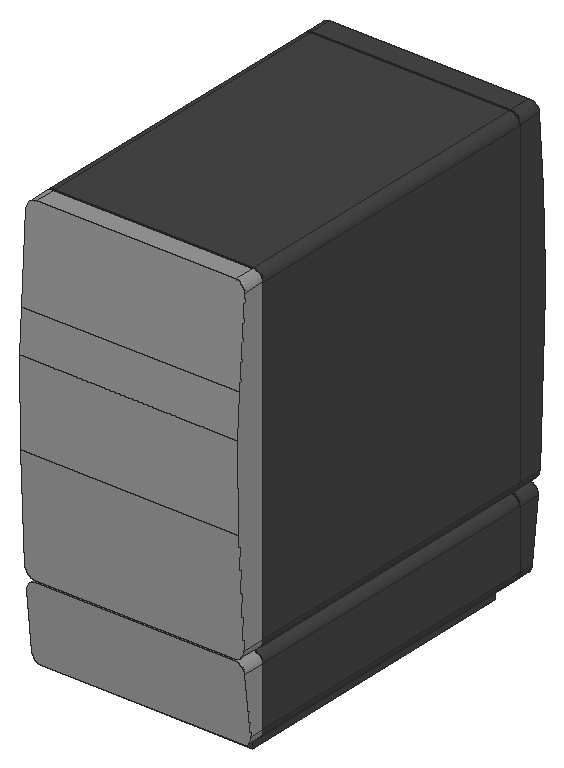
Revit family "Franke_Under_table_refrigerator_UT05_EC-A600_MS_EC_A600_FM_EC_A800_FM_EC(CN)", category Specialty Equipment, Revit 2015
Parameters (values of type "Under table refrigerator UT05 EC-A600 MS EC,A600 FM EC,A800 FM EC(220V/CN)")
  Volts max. = 0 V
  URL = "https://www.franke.com/main/en/cs/products/product-search.html"
  Max Overcurrent Protection = "-"
  Depth (mm) = 475 mm
  Temperature range = "+ 3° to + 8°"
  Volts min. = 220 V
  Cycle Alternative = 0 Hz
  Cycle = 50 Hz
  Model = "410879 - Under table refrigerator UT05 EC - A600 MS EC, A600 FM EC, A800 FM EC"
  Milk storage = "5 l"
  Current consumption = 0.72 A
  Cost = 0
  Height (mm) = 544 mm
  Manufacturer = "Franke"
  Energy loss acc. to DIN 18873 = "0.638 kWh/24 h - 230 V"
  Width (mm) = 270 mm
  Description = "key module Under table refrigerator UT05 for storage of cooled milk"
  Assembly Code = "key module Under table refrigerator UT05"
  Keynote = "key module Under table refrigerator UT05"
  Weight = "18 kg"
  Number of Poles = 1
  Number of Protective Conductors = "1"
  Number of Nutral Conductors = "1"
Reference planes
  plane 1 "Mitte (Vorne/Hinten)": y = 0
  plane 2: z = 0
  plane 3 "Mitte (Links/Rechts)": x = 0
Forms (mm)
  Extrusion 1, solid, material "Franke Black"
    sketch origin (0, 0, -42) x (1, 0, 0) y (0, 0, 1)
      loop
        line (123, 586) -> (-123, 586)
        arc (-123, 586) -> (-131.485, 582.485) -> (-135, 574) r 12
        line (-135, 574) -> (-135, 178)
        arc (-135, 178) -> (-131.485, 169.515) -> (-123, 166) r 12
        line (-123, 166) -> (123, 166)
        arc (123, 166) -> (131.485, 169.515) -> (135, 178) r 12
        line (135, 178) -> (135, 574)
        arc (135, 574) -> (131.485, 582.485) -> (123, 586) r 12
      loop
        arc (-135, 78) -> (-131.485, 69.515) -> (-123, 66) r 12
        line (-123, 66) -> (123, 66)
        arc (123, 66) -> (131.485, 69.515) -> (135, 78) r 12
        line (135, 78) -> (135, 151)
        arc (135, 151) -> (131.485, 159.485) -> (123, 163) r 12
        line (123, 163) -> (-123, 163)
        arc (-123, 163) -> (-131.485, 159.485) -> (-135, 151) r 12
        line (-135, 151) -> (-135, 78)
    from -198.03 to 198.03
  Extrusion 2, solid, material "Franke Black"
    sketch origin (0, 0, -42) x (1, 0, 0) y (0, 0, 1)
      loop
        line (-114, 66) -> (-114, 46) -> (114, 46) -> (114, 66) -> (-114, 66)
    from -186.97 to 188.03
  Extrusion 3, solid, material "Franke Anthracite"
    sketch origin (0, 0, -42) x (0, 1, 0) y (0, 0, 1)
      loop
        line (-199.53, 586) -> (-226.03, 586)
        arc (-226.03, 586) -> (-230.318, 527.256) -> (-234.387, 468.497) r 15843.742
        arc (-234.387, 468.497) -> (-235.812, 442.176) -> (-236.543, 415.826) r 1000
        arc (-236.543, 415.826) -> (-236.783, 362.852) -> (-235.96, 309.883) r 2640.505
        arc (-235.96, 309.883) -> (-232.928, 237.872) -> (-227.52, 166) r 2182.336
        line (-227.52, 166) -> (-199.53, 166) -> (-199.53, 586)
      loop
        arc (-227.242, 163) -> (-222.173, 114.438) -> (-216.03, 66) r 2207.212
        line (-216.03, 66) -> (-199.53, 66) -> (-199.53, 163) -> (-227.242, 163)
    from -135 to 135
  Extrusion 4, solid, material "Franke Black"
    sketch origin (0, 0, -42) x (1, 0, 0) y (0, 0, 1)
      loop
        line (-120, 576) -> (-120, 66) -> (120, 66) -> (120, 576) -> (-120, 576)
    from 198.03 to 199.53
  Extrusion 5, solid, material "Franke Black"
    sketch origin (0, 397.56, -42) x (1, 0, 0) y (0, 0, 1)
      loop
        line (-120, 576) -> (-120, 66) -> (120, 66) -> (120, 576) -> (-120, 576)
    from 198.03 to 199.53
  Extrusion 6, solid, material "Franke Black"
    sketch origin (0, 0, -42) x (1, 0, 0) y (0, 1, 0)
      loop
        line (-107.5, 117.97) -> (-107.5, 96.52) -> (-90.75, 96.52) -> (-90.75, 117.97) -> (-107.5, 117.97)
      loop
        line (90.75, 117.97) -> (90.75, 96.52) -> (107.5, 96.52) -> (107.5, 117.97) -> (90.75, 117.97)
      loop
        line (90.75, -97.58) -> (90.75, -119.03) -> (107.5, -119.03) -> (107.5, -97.58) -> (90.75, -97.58)
      loop
        line (-107.5, -97.58) -> (-107.5, -119.03) -> (-90.75, -119.03) -> (-90.75, -97.58) -> (-107.5, -97.58)
    from 42 to 46
  Extrusion 7, solid, material "Franke Black"
    sketch origin (0, 0, -42) x (0, 1, 0) y (0, 0, 1)
      loop
        line (228.03, 586) -> (199.53, 586) -> (199.53, 166) -> (227.909, 166)
        arc (227.909, 166) -> (234.785, 268.409) -> (237.114, 371.022) r 2314.482
        arc (237.114, 371.022) -> (237.115, 384.228) -> (237.104, 397.434) r 15169.055
        arc (237.104, 397.434) -> (236.381, 442.975) -> (234.325, 488.477) r 1555
        arc (234.325, 488.477) -> (231.291, 537.246) -> (228.03, 586) r 10528.092
      loop
        line (199.53, 66) -> (216.03, 66)
        arc (216.03, 66) -> (222.776, 114.386) -> (227.62, 163) r 1246.054
        line (227.62, 163) -> (199.53, 163) -> (199.53, 66)
    from -135 to 135
  Extrusion 8, void
    sketch origin (0, 0, -42) x (1, 0, 0) y (0, 0, 1)
      loop
        line (-123, 586) -> (-123, 596) -> (-145, 596) -> (-145, 574) -> (-135, 574)
        arc (-135, 574) -> (-131.485, 582.485) -> (-123, 586) r 12
      loop
        arc (123, 586) -> (131.485, 582.485) -> (135, 574) r 12
        line (135, 574) -> (145, 574) -> (145, 596) -> (123, 596) -> (123, 586)
      loop
        arc (-123, 166) -> (-131.485, 169.515) -> (-135, 178) r 12
        line (-135, 178) -> (-145, 178) -> (-145, 151) -> (-135, 151)
        arc (-135, 151) -> (-131.485, 159.485) -> (-123, 163) r 12
        line (-123, 163) -> (-123, 166)
      loop
        line (123, 66) -> (123, 56) -> (145, 56) -> (145, 78) -> (135, 78)
        arc (135, 78) -> (131.485, 69.515) -> (123, 66) r 12
      loop
        arc (-123, 66) -> (-131.485, 69.515) -> (-135, 78) r 12
        line (-135, 78) -> (-145, 78) -> (-145, 56) -> (-123, 56) -> (-123, 66)
      loop
        line (123, 166) -> (123, 163)
        arc (123, 163) -> (131.485, 159.485) -> (135, 151) r 12
        line (135, 151) -> (145, 151) -> (145, 178) -> (135, 178)
        arc (135, 178) -> (131.485, 169.515) -> (123, 166) r 12
    from -299.15 to 303.805
  Extrusion 9, void
    sketch origin (0, 0, -42) x (1, 0, 0) y (0, 1, 0)
      loop
        circle (-92.468, -167.051) r 16
      loop
        circle (92.468, -167.051) r 16
      loop
        circle (-92.468, 165.957) r 16
      loop
        circle (92.468, 165.957) r 16
    from 24.233 to 51
  Extrusion 10, solid, material "Franke Chrome"
    sketch origin (0, 0, 0) x (1, 0, 0) y (0, 1, 0)
      loop
        circle (0, 132.477) r 2.5
    from 0 to 4
Cuts and joins
  Extrusion 9 cuts Extrusion 2
  Extrusion 8 cuts Extrusion 3
  Extrusion 8 cuts Extrusion 7
Dimensions and locks
  aligned and locked: level to plane 2
Connectors
  electrical at (0, 132.477, 4), driven by "Number of Poles", driven by "Volts min."
    settings: on Extrusion 10, index 1, voltage 220 V, apparent load 0 VA, apparent load phase1 0 VA, apparent load phase2 0 VA, apparent load phase3 0 VA, power factor 1, load classification "Strom", number of poles 1, system type 31, power factor state 1, is connector primary yes, connector utility no, sub classification motor no, connector description ""
